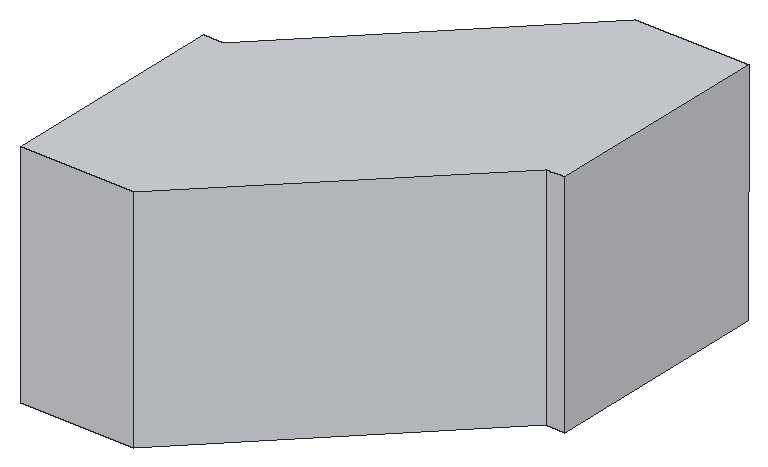
Revit family "a4280ac850ed43ec82145c156b25eb06", category Duct Fittings, Revit 2021
Family settings
  Round Connector Dimension = Use Diameter
  Part Type = Offset
  OmniClass Number = 23.75.70.14
  OmniClass Title = Air Ductwork
  Seek Item ID = Rectangular Offset - Plain - Flanged-0000-USA-ENU
  Work Plane-Based = No
  Always vertical = Yes
  Cut with Voids When Loaded = No
  Shared = No
Parameters (values of type "Standard")
  Offset 1 [instance] = Length 3 + Offset  # 156"
  Length 3 [instance] = 12' 0"  # 144"
  Duct Width [instance] = 12"
  Shoulder [instance] = 1"
  Length 1 [instance] = (Duct Width * tan(Angle / 2)) / 2 + Shoulder  # 3.48528"
  Length 2 [instance] = abs(Offset / tan(Angle)) / 2  # 6"
  Duct Height [instance] = 12"
  Offset [instance] = 12"
  Default Elevation = 0' - 0"
  Assembly Code = ""
  Angle [instance] = 45.00°
Reference planes (in)
  plane 1 "Center (Front/Back)": y = 0
  plane 2: z = 0
  plane 3 "Center (Left/Right)": x = 0
  plane 4: y = 6
  plane 5: x = 3.48528
  plane 6: x = 9.48528
  plane 7: x = 15.48528
  plane 8: x = 18.97056
  plane 9: y = 12
  plane 10: y = -144
Forms (in)
  Sweep 1, solid, detail levels medium+fine
    path in 3D
      loop
        line (0, 0, 0) -> (3.48528, 0, 0) -> (15.48528, 12, 0) -> (18.97056, 12, 0)
    profile "Duct - Rectangular : Duct - Rectangular" origin (1.74264, 0, 0) x (0, 1, 0) y (0, 0, 1)
      loop
        line (-6, 6) -> (-6, -6) -> (6, -6) -> (6, 6) -> (-6, 6)
Lines and regions (in)
  model lines, detail levels coarse
    curve 1: line (0, 0, 0) -> (3.48528, 0, 0)
    curve 2: line (3.48528, 0, 0) -> (15.48528, 12, 0)
    curve 3: line (15.48528, 12, 0) -> (18.97056, 12, 0)
  sketch lines
    curve 4: line (0, 0, 0) -> (3.48528, 0, 0)
    curve 5: line (3.48528, 0, 0) -> (15.48528, 12, 0)
    curve 6: line (15.48528, 12, 0) -> (18.97056, 12, 0)
Dimensions and locks (in)
  "Length 1": plane 3 "Center (Left/Right)" to plane 5
  "Length 2": plane 5 to plane 6
  "Length 2": plane 6 to plane 7
  "Length 1": plane 7 to plane 8
  equal spacing: plane 1 "Center (Front/Back)", plane 4, plane 9
  "Length 3": plane 10 to plane 1 "Center (Front/Back)"
  "Offset 1": plane 10 to plane 9
  aligned and locked: plane 3 "Center (Left/Right)" to curve 1
  aligned and locked: plane 1 "Center (Front/Back)" to curve 1
  aligned and locked: plane 1 "Center (Front/Back)" to curve 2
  aligned and locked: plane 5 to curve 2
  aligned and locked: plane 7 to curve 2
  aligned and locked: plane 9 to curve 2
  aligned and locked: plane 8 to curve 3
Connectors (in)
  hvac at (0, 0, 0), driven by "Duct Height", driven by "Duct Width"
    settings: on Sweep 1, index 1, duct flow 0 CFM, flow factor 0, pres drop 0.00 in-wg, loss coef 0, conn angle 0.00°, conn width 12", conn height 12", conn diameter 24", duct sys type 28, conn prof type 1, flow config 0, flow direction 0, loss method 0, conn ref index 2, conn util no, is conn primary yes, conn desc ""
  hvac at (18.97056, 12, 0), driven by "Duct Height", driven by "Duct Width"
    settings: on Sweep 1, index 2, duct flow 0 CFM, flow factor 0, pres drop 0.00 in-wg, loss coef 0, conn angle 0.00°, conn width 12", conn height 12", conn diameter 24", duct sys type 28, conn prof type 1, flow config 0, flow direction 0, loss method 0, conn ref index 1, conn util no, is conn primary no, conn desc ""
